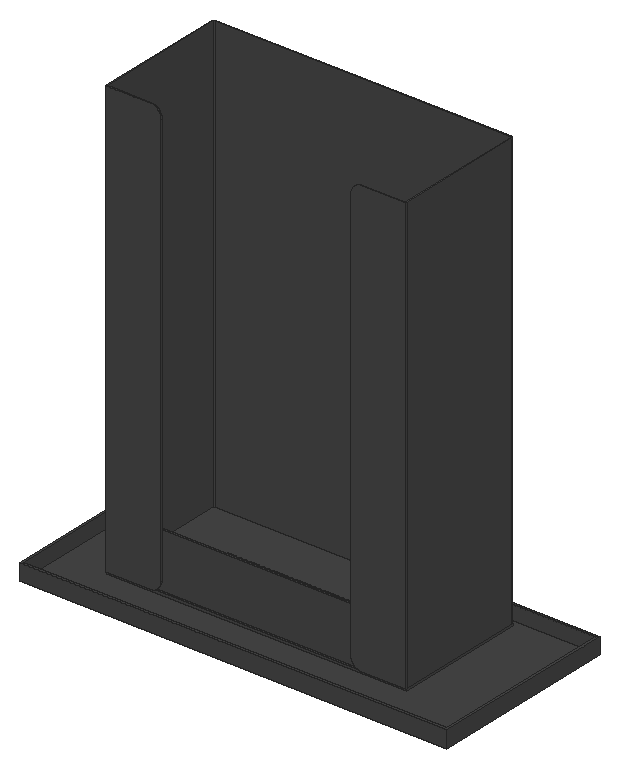
Revit family "NBS_DudleyIndustriesLimited_PprTwlDpnsrs_ModuloSlimlineBehindTheMirrorHandHygieneSystemPaperTowelDispenser", category Specialty Equipment, Revit 2019
Family settings
  Round Connector Dimension = Use Diameter
  Part Type = Normal
  Work Plane-Based = No
  Always vertical = Yes
  Cut with Voids When Loaded = No
  Shared = No
  Room Calculation Point = No
Parameters
  WarrantyStartDate [instance] = "1900-12-31T23:59:59"
  WarrantyGuarantorParts = "n/a"
  WarrantyGuarantorLabor = "n/a"
  WarrantyDurationUnit = "year"
  WarrantyDurationParts = "Ten year"
  WarrantyDurationLabor = "n/a"
  WarrantyDescription = "Ten year"
  Version = "1"  # constant formula
  Uniclass2015Version = "Products v1.22"
  Uniclass2015Title = "Paper towel dispensers"
  Uniclass2015Code = "Pr_40_70_22_62"
  TowelsWidth = "250 mm"
  TowelsTowelType = "Folded"
  TagNumber [instance] = "n/a"
  SustainabilityPerformance = "n/a"
  Size = "388 x 413 x 173 mm"
  Shape = "Rectangle"
  SerialNumber [instance] = "n/a"
  ReplacementCost = "n/a"
  RecycledContent = "n/a"
  Recyclability = "n/a"
  ProductInformation = "n/a"
  Operation = "Pull-out"
  NominalWidth = 388 mm
  NominalLength = 0 mm
  NominalHeight = 413 mm
  Name = "PaperTowelDispensers_ModuloSlimlineBehindTheMirrorHandHygieneSystem, PaperTowelDispenser_DudleyIndustriesLimited"
  NBSCertification = "www.nationalbimlibrary.com/cert/c0xm5hfu"
  ModelReference = "ModuloSlimlineBehindTheMirrorHandHygieneSystem, PaperTowelDispenser"
  ModelNumber = "n/a"
  MaterialsFinishAndColour = "Matte black, powder coated"
  MaterialsBody = "Stainless steel"
  Material = "Stainless Steel"
  ManufacturerURL = "www.dudleyindustries.com"
  ManufacturerName = "Dudley Industries Limited"  # constant formula
  Manufacturer = "sales@dudleyindustries.com"
  IntegralAccessories = "n/a"
  InstallationDate [instance] = "1900-12-31T23:59:59"
  IfcExportType = "NOTDEFINED"  # constant formula
  IfcExportAs = "IfcFurnitureType"  # constant formula
  Grade = "n/a"
  Form = "Wall mounted"
  Finish = "Powder-coated"
  Features = "n/a"
  ExpectedLife = "n/a"
  EmbodiedCarbon = "n/a"
  DurationUnit = "year"
  DispenserWidth = 388 mm  # constant formula
  DispenserMaterial = NBS_DudleyIndustriesLimited_StainlessSteel_MatteBlackPowderCoated
  DispenserHeight = 412.8 mm  # constant formula
  DispenserDepth = 173.4 mm  # constant formula
  Dimensions = "388 x 413 x 173 mm"
  Description = "Paper towel dispenser"
  CountryOfProductManufacture = "n/a"
  CountryOfMaterialOrigin = "n/a"
  ContainsRedListMaterials = "n/a"
  Constituents = "n/a"
  Color = "Black"
  CodePerformance = "n/a"
  Category = "Pr_40_70_22_62:Paper towel dispensers"
  BlankingPlates = "Not required.,Required"
  BarCode [instance] = "n/a"
  BIMObjectName = "NBS_DudleyIndustriesLimited_PaperTowelDispensers_ModuloSlimlineBehindTheMirrorHandHygieneSystemPaperTowelDispenser"
  Author = "NBS"  # constant formula
  AssetType = "Fixed"
  AssetIdentifier [instance] = "n/a"
  Accessories = "Not required.,92405BK, Modulo Slimline Base Shelf, 600 mm.,92404BK,  Modulo Slimline Base Shelf, 1200 mm"
  AccessibilityPerformance = "n/a"
Reference planes
  plane 1 "Center (Front/Back)": y = 0
  plane 2 "Bottom": z = 0
  plane 3 "Center (Left/Right)": x = 0
  plane 4 "Back": y = 86.7
  plane 5 "Front": y = -86.7
  plane 6 "Left": x = -194
  plane 7 "Right": x = 194
  plane 8 "Top": z = 412.8
  plane 9: x = -192.1
  plane 10: y = 84.8
  plane 11: y = -84.8
  plane 12: x = 192.1
  plane 13: z = 15
  plane 14: z = 1.9
  plane 15: x = -86.2
  plane 16: x = 86.2
  plane 17: z = 18.2
  plane 18: z = 16.8
  plane 19: x = -136.2
  plane 20: x = 136.2
  plane 21: y = -61.2
  plane 22: y = -60.3
  plane 23: y = 61.2
  plane 24: y = 60.3
  plane 25: x = -135.3
  plane 26: x = 135.3
  plane 27: z = 68.236
  plane 28: y = -58.6
  plane 29: x = 134.3
  plane 30: x = -134.3
  plane 31: y = 14.335
  plane 32: y = -14.335
  plane 33: z = -2.487
Forms (mm)
  Extrusion 1, solid, material "NBS_DudleyIndustriesLimited_StainlessSteel_MatteBlackPowderCoated" <- "DispenserMaterial", detail levels medium+fine
    sketch origin (0, 0, 0) x (1, 0, 0) y (0, 1, 0)
      loop
        line (-194, 86.7) -> (-194, -86.7) -> (194, -86.7) -> (194, 86.7) -> (-194, 86.7)
      loop
        line (-192.1, 84.8) -> (-192.1, -84.8) -> (192.1, -84.8) -> (192.1, 84.8) -> (-192.1, 84.8)
    from 0 to 15
  Extrusion 2, solid, material "NBS_DudleyIndustriesLimited_StainlessSteel_MatteBlackPowderCoated" <- "DispenserMaterial", detail levels medium+fine
    sketch origin (0, 0, 0) x (1, 0, 0) y (0, 1, 0)
      loop
        line (-192.1, 84.8) -> (-192.1, -84.8) -> (192.1, -84.8) -> (192.1, 84.8) -> (-192.1, 84.8)
    from 0 to 1.9
  Extrusion 3, solid, material "NBS_DudleyIndustriesLimited_StainlessSteel_MatteBlackPowderCoated" <- "DispenserMaterial", detail levels medium+fine
    sketch origin (0, 0, 0) x (1, 0, 0) y (0, 0, 1)
      loop
        line (-136.2, 412.8) -> (-136.2, 16.8) -> (-96.2, 16.8)
        arc (-96.2, 16.8) -> (-89.129, 19.729) -> (-86.2, 26.8) r 10
        line (-86.2, 26.8) -> (-86.2, 402.8)
        arc (-86.2, 402.8) -> (-89.129, 409.871) -> (-96.2, 412.8) r 10
        line (-96.2, 412.8) -> (-136.2, 412.8)
      loop
        line (136.2, 412.8) -> (96.2, 412.8)
        arc (96.2, 412.8) -> (89.129, 409.871) -> (86.2, 402.8) r 10
        line (86.2, 402.8) -> (86.2, 26.8)
        arc (86.2, 26.8) -> (89.129, 19.729) -> (96.2, 16.8) r 10
        line (96.2, 16.8) -> (136.2, 16.8) -> (136.2, 412.8)
    from 60.3 to 61.2
  Extrusion 4, solid, material "NBS_DudleyIndustriesLimited_StainlessSteel_MatteBlackPowderCoated" <- "DispenserMaterial", detail levels medium+fine
    sketch origin (0, 0, 0) x (1, 0, 0) y (0, 1, 0)
      loop
        line (-136.2, -60.3) -> (-135.3, -60.3) -> (-135.3, 59.3)
        arc (-135.3, 59.3) -> (-135.007, 60.007) -> (-134.3, 60.3) r 1
        line (-134.3, 60.3) -> (134.3, 60.3)
        arc (134.3, 60.3) -> (135.007, 60.007) -> (135.3, 59.3) r 1
        line (135.3, 59.3) -> (135.3, -60.3) -> (136.2, -60.3) -> (136.2, 59.2)
        arc (136.2, 59.2) -> (135.614, 60.614) -> (134.2, 61.2) r 2
        line (134.2, 61.2) -> (-134.2, 61.2)
        arc (-134.2, 61.2) -> (-135.614, 60.614) -> (-136.2, 59.2) r 2
        line (-136.2, 59.2) -> (-136.2, -60.3)
    from 16.8 to 412.8
  Extrusion 5, solid, material "NBS_DudleyIndustriesLimited_StainlessSteel_MatteBlackPowderCoated" <- "DispenserMaterial", detail levels medium+fine
    sketch origin (0, 0, 0) x (1, 0, 0) y (0, 0, 1)
      loop
        line (-136.2, 16.8) -> (-136.2, 15) -> (136.2, 15) -> (136.2, 16.8) -> (-136.2, 16.8)
    from -60.3 to 60.3
  Extrusion 6, solid, material "NBS_DudleyIndustriesLimited_StainlessSteel_MatteBlackPowderCoated" <- "DispenserMaterial", detail levels medium+fine
    sketch origin (0, 0, 0) x (1, 0, 0) y (0, 1, 0)
      loop
        line (-134.3, -58.6) -> (-134.3, -60.3) -> (134.3, -60.3) -> (134.3, -58.6) -> (-134.3, -58.6)
    from 18.2 to 68.236
  Extrusion 7, void
    sketch origin (0, 0, 0) x (1, 0, 0) y (0, 1, 0)
      loop
        line (-86.2, 14.335) -> (-86.2, -14.335) -> (86.2, -14.335) -> (86.2, 14.335) -> (-86.2, 14.335)
    from -2.487 to 18.2
  Extrusion 8, solid, material "NBS_DudleyIndustriesLimited_StainlessSteel_MatteBlackPowderCoated" <- "DispenserMaterial", detail levels coarse
    sketch origin (0, 0, 0) x (1, 0, 0) y (0, 1, 0)
      loop
        line (-194, 86.7) -> (-194, -86.7) -> (194, -86.7) -> (194, 86.7) -> (-194, 86.7)
    from 0 to 15
  Extrusion 9, solid, material "NBS_DudleyIndustriesLimited_StainlessSteel_MatteBlackPowderCoated" <- "DispenserMaterial", detail levels coarse
    sketch origin (0, 0, 0) x (1, 0, 0) y (0, 1, 0)
      loop
        line (-136.2, 61.2) -> (-136.2, -61.2) -> (136.2, -61.2) -> (136.2, 61.2) -> (-136.2, 61.2)
      loop
        line (-135.3, 60.3) -> (-135.3, -60.3) -> (135.3, -60.3) -> (135.3, 60.3) -> (-135.3, 60.3)
    from 15 to 412.8
Cuts and joins
  Extrusion 7 cuts Extrusion 2
  Extrusion 7 cuts Extrusion 5
Dimensions and locks
  "DispenserWidth": plane 6 "Left" to plane 7 "Right"
  "DispenserDepth": plane 4 "Back" to plane 5 "Front"
  "DispenserHeight": plane 8 "Top" to plane 2 "Bottom"
  radius of Extrusion 3 sketch curve = 10 mm  (x2)
  aligned and locked: level to plane 2 "Bottom"
  aligned and locked: Extrusion 1 sketch curve to plane 7 "Right"
  aligned and locked: Extrusion 1 sketch curve to plane 5 "Front"
  aligned and locked: Extrusion 1 sketch curve to plane 6 "Left"
  aligned and locked: Extrusion 1 sketch curve to plane 4 "Back"
  aligned and locked: plane 12 to Extrusion 1 sketch curve
  aligned and locked: plane 11 to Extrusion 1 sketch curve
  aligned and locked: Extrusion 1 sketch curve to plane 10
  aligned and locked: Extrusion 1 sketch curve to plane 9
  aligned and locked: Extrusion 1 to plane 2 "Bottom"
  aligned and locked: plane 13 to Extrusion 1
  aligned and locked: plane 12 to Extrusion 2 sketch curve
  aligned and locked: plane 11 to Extrusion 2 sketch curve
  aligned and locked: Extrusion 2 sketch curve to plane 9
  aligned and locked: Extrusion 2 sketch curve to plane 10
  aligned and locked: Extrusion 2 to plane 14
  aligned and locked: Extrusion 2 to plane 2 "Bottom"
  aligned and locked: plane 18 to Extrusion 3 sketch curve
  aligned and locked: plane 15 to Extrusion 3 sketch curve
  aligned and locked: Extrusion 3 sketch curve to plane 8 "Top"
  aligned and locked: Extrusion 3 sketch curve to plane 19
  aligned and locked: plane 8 "Top" to Extrusion 3 sketch curve
  aligned and locked: Extrusion 3 sketch curve to plane 16
  aligned and locked: plane 20 to Extrusion 3 sketch curve
  aligned and locked: Extrusion 3 sketch curve to plane 18
  aligned and locked: Extrusion 3 to plane 22
  aligned and locked: plane 21 to Extrusion 3
  aligned and locked: Extrusion 4 sketch curve to plane 22  (x2)
  aligned and locked: Extrusion 4 sketch curve to plane 19
  aligned and locked: plane 25 to Extrusion 4 sketch curve
  aligned and locked: Extrusion 4 sketch curve to plane 23
  aligned and locked: plane 24 to Extrusion 4 sketch curve
  aligned and locked: plane 26 to Extrusion 4 sketch curve
  aligned and locked: Extrusion 4 sketch curve to plane 20
  aligned and locked: Extrusion 4 to plane 18
  aligned and locked: plane 8 "Top" to Extrusion 4
  aligned and locked: Extrusion 5 sketch curve to plane 18
  aligned and locked: Extrusion 5 sketch curve to plane 20
  aligned and locked: plane 13 to Extrusion 5 sketch curve
  aligned and locked: Extrusion 5 sketch curve to plane 19
  aligned and locked: plane 24 to Extrusion 5
  aligned and locked: plane 22 to Extrusion 5
  aligned and locked: plane 29 to Extrusion 6 sketch curve
  aligned and locked: plane 28 to Extrusion 6 sketch curve
  aligned and locked: Extrusion 6 sketch curve to plane 22
  aligned and locked: plane 30 to Extrusion 6 sketch curve
  aligned and locked: plane 27 to Extrusion 6
  aligned and locked: Extrusion 6 to plane 17
  aligned and locked: Extrusion 7 sketch curve to plane 15
  aligned and locked: Extrusion 7 sketch curve to plane 16
  aligned and locked: Extrusion 7 sketch curve to plane 31
  aligned and locked: Extrusion 7 sketch curve to plane 32
  aligned and locked: plane 33 to Extrusion 7
  aligned and locked: plane 17 to Extrusion 7
  aligned and locked: Extrusion 8 sketch curve to plane 7 "Right"
  aligned and locked: Extrusion 8 sketch curve to plane 5 "Front"
  aligned and locked: Extrusion 8 sketch curve to plane 6 "Left"
  aligned and locked: Extrusion 8 sketch curve to plane 4 "Back"
  aligned and locked: Extrusion 8 to plane 2 "Bottom"
  aligned and locked: plane 13 to Extrusion 8
  aligned and locked: Extrusion 9 sketch curve to plane 21
  aligned and locked: Extrusion 9 sketch curve to plane 20
  aligned and locked: Extrusion 9 sketch curve to plane 19
  aligned and locked: Extrusion 9 sketch curve to plane 23
  aligned and locked: Extrusion 9 sketch curve to plane 26
  aligned and locked: Extrusion 9 sketch curve to plane 22
  aligned and locked: Extrusion 9 sketch curve to plane 24
  aligned and locked: Extrusion 9 sketch curve to plane 25
  aligned and locked: Extrusion 9 to plane 13
  aligned and locked: plane 8 "Top" to Extrusion 9
Automatic sketch dimensions
  plane 16 to Extrusion 3 sketch curve = 10 mm
  Extrusion 3 sketch curve to plane 8 "Top" = 10 mm
  Extrusion 4 sketch curve to plane 24 = 1 mm  (x2)
  Extrusion 4 sketch curve to Extrusion 4 sketch curve = 0.1 mm  (x2)
